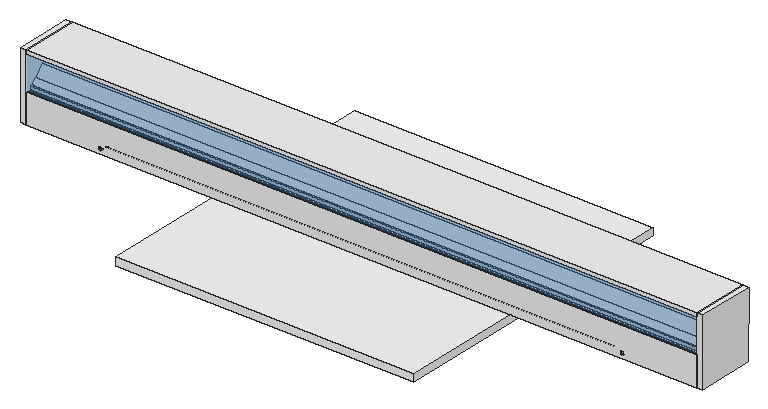
Revit family "BE_50805.1_de_DE", category Leuchten, Revit 2020 (continued)
Definition of nested family "BE_50805.1_Leuchte"
  Automatic sketch dimensions
    level to Extrusion 12 sketch curve = 79.676 mm
    Extrusion 12 sketch curve to Extrusion 12 sketch curve = 0 mm
    Extrusion 12 sketch curve to Extrusion 12 sketch curve = 0.855 mm  (x2)
    plane 1 "Mitte (Oben/Unten)" to Extrusion 13 sketch curve = 16.705 mm
    Extrusion 13 sketch curve to Extrusion 13 sketch curve = 0.311 mm  (x2)
    Extrusion 13 sketch curve to Extrusion 13 sketch curve = 2.819 mm  (x2)
    Extrusion 13 sketch curve to plane 1 "Mitte (Oben/Unten)" = 13.574 mm
    level to Extrusion 13 sketch curve = 79.676 mm
    Extrusion 13 sketch curve to Extrusion 13 sketch curve = 0 mm
    Extrusion 13 sketch curve to Extrusion 13 sketch curve = 0.855 mm  (x2)
    plane 1 "Mitte (Oben/Unten)" to Extrusion 14 sketch curve = 16.705 mm
    Extrusion 14 sketch curve to Extrusion 14 sketch curve = 0.311 mm  (x2)
    Extrusion 14 sketch curve to Extrusion 14 sketch curve = 2.819 mm  (x2)
    Extrusion 14 sketch curve to plane 1 "Mitte (Oben/Unten)" = 13.574 mm
    level to Extrusion 14 sketch curve = 79.676 mm
    Extrusion 14 sketch curve to Extrusion 14 sketch curve = 0 mm
    Extrusion 14 sketch curve to Extrusion 14 sketch curve = 0.855 mm  (x2)
    plane 1 "Mitte (Oben/Unten)" to Extrusion 15 sketch curve = 16.705 mm
    Extrusion 15 sketch curve to Extrusion 15 sketch curve = 0.311 mm  (x2)
    Extrusion 15 sketch curve to Extrusion 15 sketch curve = 2.819 mm  (x2)
    Extrusion 15 sketch curve to plane 1 "Mitte (Oben/Unten)" = 13.574 mm
    level to Extrusion 15 sketch curve = 79.676 mm
    Extrusion 15 sketch curve to Extrusion 15 sketch curve = 0 mm
    Extrusion 15 sketch curve to Extrusion 15 sketch curve = 0.855 mm  (x2)
    plane 1 "Mitte (Oben/Unten)" to Extrusion 16 sketch curve = 16.705 mm
    Extrusion 16 sketch curve to Extrusion 16 sketch curve = 0.311 mm  (x2)
    Extrusion 16 sketch curve to Extrusion 16 sketch curve = 2.819 mm  (x2)
    Extrusion 16 sketch curve to plane 1 "Mitte (Oben/Unten)" = 13.574 mm
    level to Extrusion 16 sketch curve = 79.676 mm
    Extrusion 16 sketch curve to Extrusion 16 sketch curve = 0 mm
    Extrusion 16 sketch curve to Extrusion 16 sketch curve = 0.855 mm  (x2)
    plane 1 "Mitte (Oben/Unten)" to Extrusion 17 sketch curve = 16.705 mm
    Extrusion 17 sketch curve to Extrusion 17 sketch curve = 0.311 mm  (x2)
    Extrusion 17 sketch curve to Extrusion 17 sketch curve = 2.819 mm  (x2)
    Extrusion 17 sketch curve to plane 1 "Mitte (Oben/Unten)" = 13.574 mm
    level to Extrusion 17 sketch curve = 79.676 mm
    Extrusion 17 sketch curve to Extrusion 17 sketch curve = 0 mm
    Extrusion 17 sketch curve to Extrusion 17 sketch curve = 0.855 mm  (x2)
    plane 1 "Mitte (Oben/Unten)" to Extrusion 18 sketch curve = 16.705 mm
    Extrusion 18 sketch curve to Extrusion 18 sketch curve = 0.311 mm  (x2)
    Extrusion 18 sketch curve to Extrusion 18 sketch curve = 2.819 mm  (x2)
    Extrusion 18 sketch curve to plane 1 "Mitte (Oben/Unten)" = 13.574 mm
    level to Extrusion 18 sketch curve = 79.676 mm
    Extrusion 18 sketch curve to Extrusion 18 sketch curve = 0 mm
    Extrusion 18 sketch curve to Extrusion 18 sketch curve = 0.855 mm  (x2)
    plane 1 "Mitte (Oben/Unten)" to Extrusion 19 sketch curve = 16.705 mm
    Extrusion 19 sketch curve to Extrusion 19 sketch curve = 0.311 mm  (x2)
    Extrusion 19 sketch curve to Extrusion 19 sketch curve = 2.819 mm  (x2)
    Extrusion 19 sketch curve to plane 1 "Mitte (Oben/Unten)" = 13.574 mm
    level to Extrusion 19 sketch curve = 79.676 mm
    Extrusion 19 sketch curve to Extrusion 19 sketch curve = 0 mm
    Extrusion 19 sketch curve to Extrusion 19 sketch curve = 0.855 mm  (x2)
    plane 1 "Mitte (Oben/Unten)" to Extrusion 20 sketch curve = 16.705 mm
    Extrusion 20 sketch curve to Extrusion 20 sketch curve = 0.311 mm  (x2)
    Extrusion 20 sketch curve to Extrusion 20 sketch curve = 2.819 mm  (x2)
    Extrusion 20 sketch curve to plane 1 "Mitte (Oben/Unten)" = 13.574 mm
    level to Extrusion 20 sketch curve = 79.676 mm
    Extrusion 20 sketch curve to Extrusion 20 sketch curve = 0 mm
    Extrusion 20 sketch curve to Extrusion 20 sketch curve = 0.855 mm  (x2)
    plane 1 "Mitte (Oben/Unten)" to Extrusion 21 sketch curve = 16.705 mm
    Extrusion 21 sketch curve to Extrusion 21 sketch curve = 0.311 mm  (x2)
    Extrusion 21 sketch curve to Extrusion 21 sketch curve = 2.819 mm  (x2)
    Extrusion 21 sketch curve to plane 1 "Mitte (Oben/Unten)" = 13.574 mm
    level to Extrusion 21 sketch curve = 79.676 mm
    Extrusion 21 sketch curve to Extrusion 21 sketch curve = 0 mm
    Extrusion 21 sketch curve to Extrusion 21 sketch curve = 0.855 mm  (x2)
    plane 1 "Mitte (Oben/Unten)" to Extrusion 22 sketch curve = 16.705 mm
    Extrusion 22 sketch curve to Extrusion 22 sketch curve = 0.311 mm  (x2)
    Extrusion 22 sketch curve to Extrusion 22 sketch curve = 2.819 mm  (x2)
    Extrusion 22 sketch curve to plane 1 "Mitte (Oben/Unten)" = 13.574 mm
    level to Extrusion 22 sketch curve = 79.676 mm
    Extrusion 22 sketch curve to Extrusion 22 sketch curve = 0 mm
    Extrusion 22 sketch curve to Extrusion 22 sketch curve = 0.855 mm  (x2)
    plane 1 "Mitte (Oben/Unten)" to Extrusion 23 sketch curve = 16.705 mm
    Extrusion 23 sketch curve to Extrusion 23 sketch curve = 0.311 mm  (x2)
    Extrusion 23 sketch curve to Extrusion 23 sketch curve = 2.819 mm  (x2)
    Extrusion 23 sketch curve to plane 1 "Mitte (Oben/Unten)" = 13.574 mm
    level to Extrusion 23 sketch curve = 79.676 mm
    Extrusion 23 sketch curve to Extrusion 23 sketch curve = 0 mm
    Extrusion 23 sketch curve to Extrusion 23 sketch curve = 0.855 mm  (x2)
    plane 1 "Mitte (Oben/Unten)" to Extrusion 24 sketch curve = 16.705 mm
    Extrusion 24 sketch curve to Extrusion 24 sketch curve = 0.311 mm  (x2)
    Extrusion 24 sketch curve to Extrusion 24 sketch curve = 2.819 mm  (x2)
    Extrusion 24 sketch curve to plane 1 "Mitte (Oben/Unten)" = 13.574 mm
    level to Extrusion 24 sketch curve = 79.676 mm
    Extrusion 24 sketch curve to Extrusion 24 sketch curve = 0 mm
    Extrusion 24 sketch curve to Extrusion 24 sketch curve = 0.855 mm  (x2)
    plane 1 "Mitte (Oben/Unten)" to Extrusion 25 sketch curve = 16.705 mm
    Extrusion 25 sketch curve to Extrusion 25 sketch curve = 0.311 mm  (x2)
    Extrusion 25 sketch curve to Extrusion 25 sketch curve = 2.819 mm  (x2)
    Extrusion 25 sketch curve to plane 1 "Mitte (Oben/Unten)" = 13.574 mm
    level to Extrusion 25 sketch curve = 79.676 mm
    Extrusion 25 sketch curve to Extrusion 25 sketch curve = 0 mm
    Extrusion 25 sketch curve to Extrusion 25 sketch curve = 0.855 mm  (x2)
    plane 1 "Mitte (Oben/Unten)" to Extrusion 26 sketch curve = 16.705 mm
    Extrusion 26 sketch curve to Extrusion 26 sketch curve = 0.311 mm  (x2)
    Extrusion 26 sketch curve to Extrusion 26 sketch curve = 2.819 mm  (x2)
    Extrusion 26 sketch curve to plane 1 "Mitte (Oben/Unten)" = 13.574 mm
    level to Extrusion 26 sketch curve = 79.676 mm
    Extrusion 26 sketch curve to Extrusion 26 sketch curve = 0 mm
    Extrusion 26 sketch curve to Extrusion 26 sketch curve = 0.855 mm  (x2)
    plane 1 "Mitte (Oben/Unten)" to Extrusion 27 sketch curve = 16.705 mm
    Extrusion 27 sketch curve to Extrusion 27 sketch curve = 0.311 mm  (x2)
    Extrusion 27 sketch curve to Extrusion 27 sketch curve = 2.819 mm  (x2)
    Extrusion 27 sketch curve to plane 1 "Mitte (Oben/Unten)" = 13.574 mm
    level to Extrusion 27 sketch curve = 79.676 mm
    Extrusion 27 sketch curve to Extrusion 27 sketch curve = 0 mm
    Extrusion 27 sketch curve to Extrusion 27 sketch curve = 0.855 mm  (x2)
    plane 1 "Mitte (Oben/Unten)" to Extrusion 28 sketch curve = 16.705 mm
    Extrusion 28 sketch curve to Extrusion 28 sketch curve = 0.311 mm  (x2)
    Extrusion 28 sketch curve to Extrusion 28 sketch curve = 2.819 mm  (x2)
    Extrusion 28 sketch curve to plane 1 "Mitte (Oben/Unten)" = 13.574 mm
    level to Extrusion 28 sketch curve = 79.676 mm
    Extrusion 28 sketch curve to Extrusion 28 sketch curve = 0 mm
    Extrusion 28 sketch curve to Extrusion 28 sketch curve = 0.855 mm  (x2)
    plane 1 "Mitte (Oben/Unten)" to Extrusion 29 sketch curve = 16.705 mm
    Extrusion 29 sketch curve to Extrusion 29 sketch curve = 0.311 mm  (x2)
    Extrusion 29 sketch curve to Extrusion 29 sketch curve = 2.819 mm  (x2)
    Extrusion 29 sketch curve to plane 1 "Mitte (Oben/Unten)" = 13.574 mm
    level to Extrusion 29 sketch curve = 79.676 mm
    Extrusion 29 sketch curve to Extrusion 29 sketch curve = 0 mm
    Extrusion 29 sketch curve to Extrusion 29 sketch curve = 0.855 mm  (x2)
    plane 1 "Mitte (Oben/Unten)" to Extrusion 30 sketch curve = 16.705 mm
    Extrusion 30 sketch curve to Extrusion 30 sketch curve = 0.311 mm  (x2)
    Extrusion 30 sketch curve to Extrusion 30 sketch curve = 2.819 mm  (x2)
    Extrusion 30 sketch curve to plane 1 "Mitte (Oben/Unten)" = 13.574 mm
    level to Extrusion 30 sketch curve = 79.676 mm
    Extrusion 30 sketch curve to Extrusion 30 sketch curve = 0 mm
    Extrusion 30 sketch curve to Extrusion 30 sketch curve = 0.855 mm  (x2)
    plane 1 "Mitte (Oben/Unten)" to Extrusion 31 sketch curve = 16.705 mm
    Extrusion 31 sketch curve to Extrusion 31 sketch curve = 0.311 mm  (x2)
    Extrusion 31 sketch curve to Extrusion 31 sketch curve = 2.819 mm  (x2)
    Extrusion 31 sketch curve to plane 1 "Mitte (Oben/Unten)" = 13.574 mm
    level to Extrusion 31 sketch curve = 79.676 mm
    Extrusion 31 sketch curve to Extrusion 31 sketch curve = 0 mm
    Extrusion 31 sketch curve to Extrusion 31 sketch curve = 0.855 mm  (x2)
    plane 1 "Mitte (Oben/Unten)" to Extrusion 32 sketch curve = 16.705 mm
    Extrusion 32 sketch curve to Extrusion 32 sketch curve = 0.311 mm  (x2)
    Extrusion 32 sketch curve to Extrusion 32 sketch curve = 2.819 mm  (x2)
    Extrusion 32 sketch curve to plane 1 "Mitte (Oben/Unten)" = 13.574 mm
    level to Extrusion 32 sketch curve = 79.676 mm
    Extrusion 32 sketch curve to Extrusion 32 sketch curve = 0 mm
    Extrusion 32 sketch curve to Extrusion 32 sketch curve = 0.855 mm  (x2)
    plane 1 "Mitte (Oben/Unten)" to Extrusion 33 sketch curve = 16.705 mm
    Extrusion 33 sketch curve to Extrusion 33 sketch curve = 0.311 mm  (x2)
    Extrusion 33 sketch curve to Extrusion 33 sketch curve = 2.819 mm  (x2)
    Extrusion 33 sketch curve to plane 1 "Mitte (Oben/Unten)" = 13.574 mm
    level to Extrusion 33 sketch curve = 79.676 mm
    Extrusion 33 sketch curve to Extrusion 33 sketch curve = 0 mm
    Extrusion 33 sketch curve to Extrusion 33 sketch curve = 0.855 mm  (x2)
    plane 1 "Mitte (Oben/Unten)" to Extrusion 34 sketch curve = 16.705 mm
    Extrusion 34 sketch curve to Extrusion 34 sketch curve = 0.311 mm  (x2)
    Extrusion 34 sketch curve to Extrusion 34 sketch curve = 2.819 mm  (x2)
    Extrusion 34 sketch curve to plane 1 "Mitte (Oben/Unten)" = 13.574 mm
    level to Extrusion 34 sketch curve = 79.676 mm
    Extrusion 34 sketch curve to Extrusion 34 sketch curve = 0 mm
    Extrusion 34 sketch curve to Extrusion 34 sketch curve = 0.855 mm  (x2)
    plane 1 "Mitte (Oben/Unten)" to Extrusion 35 sketch curve = 16.705 mm
    Extrusion 35 sketch curve to Extrusion 35 sketch curve = 0.311 mm  (x2)
    Extrusion 35 sketch curve to Extrusion 35 sketch curve = 2.819 mm  (x2)
    Extrusion 35 sketch curve to plane 1 "Mitte (Oben/Unten)" = 13.574 mm
    level to Extrusion 35 sketch curve = 79.676 mm
    Extrusion 35 sketch curve to Extrusion 35 sketch curve = 0 mm
    Extrusion 35 sketch curve to Extrusion 35 sketch curve = 0.855 mm  (x2)
    plane 1 "Mitte (Oben/Unten)" to Extrusion 36 sketch curve = 16.705 mm
    Extrusion 36 sketch curve to Extrusion 36 sketch curve = 0.311 mm  (x2)
    Extrusion 36 sketch curve to Extrusion 36 sketch curve = 2.819 mm  (x2)
    Extrusion 36 sketch curve to plane 1 "Mitte (Oben/Unten)" = 13.574 mm
    level to Extrusion 36 sketch curve = 79.676 mm
    Extrusion 36 sketch curve to Extrusion 36 sketch curve = 0 mm
    Extrusion 36 sketch curve to Extrusion 36 sketch curve = 0.855 mm  (x2)
    plane 1 "Mitte (Oben/Unten)" to Extrusion 37 sketch curve = 16.705 mm
    Extrusion 37 sketch curve to Extrusion 37 sketch curve = 0.311 mm  (x2)
    Extrusion 37 sketch curve to Extrusion 37 sketch curve = 2.819 mm  (x2)
    Extrusion 37 sketch curve to plane 1 "Mitte (Oben/Unten)" = 13.574 mm
    level to Extrusion 37 sketch curve = 79.676 mm
    Extrusion 37 sketch curve to Extrusion 37 sketch curve = 0 mm
    Extrusion 37 sketch curve to Extrusion 37 sketch curve = 0.855 mm  (x2)
    plane 1 "Mitte (Oben/Unten)" to Extrusion 38 sketch curve = 16.705 mm
    Extrusion 38 sketch curve to Extrusion 38 sketch curve = 0.311 mm  (x2)
    Extrusion 38 sketch curve to Extrusion 38 sketch curve = 2.819 mm  (x2)
    Extrusion 38 sketch curve to plane 1 "Mitte (Oben/Unten)" = 13.574 mm
    level to Extrusion 38 sketch curve = 79.676 mm
    Extrusion 38 sketch curve to Extrusion 38 sketch curve = 0 mm
    Extrusion 38 sketch curve to Extrusion 38 sketch curve = 0.855 mm  (x2)
    plane 1 "Mitte (Oben/Unten)" to Extrusion 39 sketch curve = 16.705 mm
    Extrusion 39 sketch curve to Extrusion 39 sketch curve = 0.311 mm  (x2)
    Extrusion 39 sketch curve to Extrusion 39 sketch curve = 2.819 mm  (x2)
    Extrusion 39 sketch curve to plane 1 "Mitte (Oben/Unten)" = 13.574 mm
    level to Extrusion 39 sketch curve = 79.676 mm
    Extrusion 39 sketch curve to Extrusion 39 sketch curve = 0 mm
    Extrusion 39 sketch curve to Extrusion 39 sketch curve = 0.855 mm  (x2)
    plane 1 "Mitte (Oben/Unten)" to Extrusion 40 sketch curve = 16.705 mm
    Extrusion 40 sketch curve to Extrusion 40 sketch curve = 0.311 mm  (x2)
    Extrusion 40 sketch curve to Extrusion 40 sketch curve = 2.819 mm  (x2)
    Extrusion 40 sketch curve to plane 1 "Mitte (Oben/Unten)" = 13.574 mm
    level to Extrusion 40 sketch curve = 79.676 mm
    Extrusion 40 sketch curve to Extrusion 40 sketch curve = 0 mm
    Extrusion 40 sketch curve to Extrusion 40 sketch curve = 0.855 mm  (x2)
    plane 1 "Mitte (Oben/Unten)" to Extrusion 41 sketch curve = 16.705 mm
    Extrusion 41 sketch curve to Extrusion 41 sketch curve = 0.311 mm  (x2)
    Extrusion 41 sketch curve to Extrusion 41 sketch curve = 2.819 mm  (x2)
    Extrusion 41 sketch curve to plane 1 "Mitte (Oben/Unten)" = 13.574 mm
    level to Extrusion 41 sketch curve = 79.676 mm
    Extrusion 41 sketch curve to Extrusion 41 sketch curve = 0 mm
    Extrusion 41 sketch curve to Extrusion 41 sketch curve = 0.855 mm  (x2)
    plane 1 "Mitte (Oben/Unten)" to Extrusion 42 sketch curve = 16.705 mm
    Extrusion 42 sketch curve to Extrusion 42 sketch curve = 0.311 mm  (x2)
    Extrusion 42 sketch curve to Extrusion 42 sketch curve = 2.819 mm  (x2)
    Extrusion 42 sketch curve to plane 1 "Mitte (Oben/Unten)" = 13.574 mm
    level to Extrusion 42 sketch curve = 79.676 mm
    Extrusion 42 sketch curve to Extrusion 42 sketch curve = 0 mm
    Extrusion 42 sketch curve to Extrusion 42 sketch curve = 0.855 mm  (x2)
    plane 1 "Mitte (Oben/Unten)" to Extrusion 43 sketch curve = 16.705 mm
    Extrusion 43 sketch curve to Extrusion 43 sketch curve = 0.311 mm  (x2)
    Extrusion 43 sketch curve to Extrusion 43 sketch curve = 2.819 mm  (x2)
    Extrusion 43 sketch curve to plane 1 "Mitte (Oben/Unten)" = 13.574 mm
    level to Extrusion 43 sketch curve = 79.676 mm
    Extrusion 43 sketch curve to Extrusion 43 sketch curve = 0 mm
    Extrusion 43 sketch curve to Extrusion 43 sketch curve = 0.855 mm  (x2)
    plane 1 "Mitte (Oben/Unten)" to Extrusion 44 sketch curve = 16.705 mm
    Extrusion 44 sketch curve to Extrusion 44 sketch curve = 0.311 mm  (x2)
    Extrusion 44 sketch curve to Extrusion 44 sketch curve = 2.819 mm  (x2)
    Extrusion 44 sketch curve to plane 1 "Mitte (Oben/Unten)" = 13.574 mm
    level to Extrusion 44 sketch curve = 79.676 mm
    Extrusion 44 sketch curve to Extrusion 44 sketch curve = 0 mm
    Extrusion 44 sketch curve to Extrusion 44 sketch curve = 0.855 mm  (x2)
    plane 1 "Mitte (Oben/Unten)" to Extrusion 45 sketch curve = 16.705 mm
    Extrusion 45 sketch curve to Extrusion 45 sketch curve = 0.311 mm  (x2)
    Extrusion 45 sketch curve to Extrusion 45 sketch curve = 2.819 mm  (x2)
    Extrusion 45 sketch curve to plane 1 "Mitte (Oben/Unten)" = 13.574 mm
    level to Extrusion 45 sketch curve = 79.676 mm
    Extrusion 45 sketch curve to Extrusion 45 sketch curve = 0 mm
    Extrusion 45 sketch curve to Extrusion 45 sketch curve = 0.855 mm  (x2)
    plane 1 "Mitte (Oben/Unten)" to Extrusion 46 sketch curve = 16.705 mm
    Extrusion 46 sketch curve to Extrusion 46 sketch curve = 0.311 mm  (x2)
    Extrusion 46 sketch curve to Extrusion 46 sketch curve = 2.819 mm  (x2)
    Extrusion 46 sketch curve to plane 1 "Mitte (Oben/Unten)" = 13.574 mm
    level to Extrusion 46 sketch curve = 79.676 mm
    Extrusion 46 sketch curve to Extrusion 46 sketch curve = 0 mm
    Extrusion 46 sketch curve to Extrusion 46 sketch curve = 0.855 mm  (x2)
    plane 1 "Mitte (Oben/Unten)" to Extrusion 47 sketch curve = 16.705 mm
    Extrusion 47 sketch curve to Extrusion 47 sketch curve = 0.311 mm  (x2)
    Extrusion 47 sketch curve to Extrusion 47 sketch curve = 2.819 mm  (x2)
    Extrusion 47 sketch curve to plane 1 "Mitte (Oben/Unten)" = 13.574 mm
    level to Extrusion 47 sketch curve = 79.676 mm
    Extrusion 47 sketch curve to Extrusion 47 sketch curve = 0 mm
    Extrusion 47 sketch curve to Extrusion 47 sketch curve = 0.855 mm  (x2)
    plane 1 "Mitte (Oben/Unten)" to Extrusion 48 sketch curve = 16.705 mm
    Extrusion 48 sketch curve to Extrusion 48 sketch curve = 0.311 mm  (x2)
    Extrusion 48 sketch curve to Extrusion 48 sketch curve = 2.819 mm  (x2)
    Extrusion 48 sketch curve to plane 1 "Mitte (Oben/Unten)" = 13.574 mm
    level to Extrusion 48 sketch curve = 79.676 mm
    Extrusion 48 sketch curve to Extrusion 48 sketch curve = 0 mm
    Extrusion 48 sketch curve to Extrusion 48 sketch curve = 0.855 mm  (x2)
    plane 1 "Mitte (Oben/Unten)" to Extrusion 49 sketch curve = 16.705 mm
    Extrusion 49 sketch curve to Extrusion 49 sketch curve = 0.311 mm  (x2)
    Extrusion 49 sketch curve to Extrusion 49 sketch curve = 2.819 mm  (x2)
    Extrusion 49 sketch curve to plane 1 "Mitte (Oben/Unten)" = 13.574 mm
    level to Extrusion 49 sketch curve = 79.676 mm
    Extrusion 49 sketch curve to Extrusion 49 sketch curve = 0 mm
    Extrusion 49 sketch curve to Extrusion 49 sketch curve = 0.855 mm  (x2)
    plane 1 "Mitte (Oben/Unten)" to Extrusion 50 sketch curve = 16.705 mm
    Extrusion 50 sketch curve to Extrusion 50 sketch curve = 0.311 mm  (x2)
    Extrusion 50 sketch curve to Extrusion 50 sketch curve = 2.819 mm  (x2)
    Extrusion 50 sketch curve to plane 1 "Mitte (Oben/Unten)" = 13.574 mm
    level to Extrusion 50 sketch curve = 79.676 mm
    Extrusion 50 sketch curve to Extrusion 50 sketch curve = 0 mm
    Extrusion 50 sketch curve to Extrusion 50 sketch curve = 0.855 mm  (x2)
    plane 1 "Mitte (Oben/Unten)" to Extrusion 51 sketch curve = 16.705 mm
    Extrusion 51 sketch curve to Extrusion 51 sketch curve = 0.311 mm  (x2)
    Extrusion 51 sketch curve to Extrusion 51 sketch curve = 2.819 mm  (x2)
    Extrusion 51 sketch curve to plane 1 "Mitte (Oben/Unten)" = 13.574 mm
    level to Extrusion 51 sketch curve = 79.676 mm
    Extrusion 51 sketch curve to Extrusion 51 sketch curve = 0 mm
    Extrusion 51 sketch curve to Extrusion 51 sketch curve = 0.855 mm  (x2)
    plane 1 "Mitte (Oben/Unten)" to Extrusion 52 sketch curve = 16.705 mm
    Extrusion 52 sketch curve to Extrusion 52 sketch curve = 0.311 mm  (x2)
    Extrusion 52 sketch curve to Extrusion 52 sketch curve = 2.819 mm  (x2)
    Extrusion 52 sketch curve to plane 1 "Mitte (Oben/Unten)" = 13.574 mm
    level to Extrusion 52 sketch curve = 79.676 mm
    Extrusion 52 sketch curve to Extrusion 52 sketch curve = 0 mm
    Extrusion 52 sketch curve to Extrusion 52 sketch curve = 0.855 mm  (x2)
    plane 1 "Mitte (Oben/Unten)" to Extrusion 53 sketch curve = 16.705 mm
    Extrusion 53 sketch curve to Extrusion 53 sketch curve = 0.311 mm  (x2)
    Extrusion 53 sketch curve to Extrusion 53 sketch curve = 2.819 mm  (x2)
    Extrusion 53 sketch curve to plane 1 "Mitte (Oben/Unten)" = 13.574 mm
    level to Extrusion 53 sketch curve = 79.676 mm
    Extrusion 53 sketch curve to Extrusion 53 sketch curve = 0 mm
    Extrusion 53 sketch curve to Extrusion 53 sketch curve = 0.855 mm  (x2)
    plane 1 "Mitte (Oben/Unten)" to Extrusion 54 sketch curve = 16.705 mm
    Extrusion 54 sketch curve to Extrusion 54 sketch curve = 0.311 mm  (x2)
    Extrusion 54 sketch curve to Extrusion 54 sketch curve = 2.819 mm  (x2)
    Extrusion 54 sketch curve to plane 1 "Mitte (Oben/Unten)" = 13.574 mm
    level to Extrusion 54 sketch curve = 79.676 mm
    Extrusion 54 sketch curve to Extrusion 54 sketch curve = 0 mm
    Extrusion 54 sketch curve to Extrusion 54 sketch curve = 0.855 mm  (x2)
    plane 1 "Mitte (Oben/Unten)" to Extrusion 55 sketch curve = 16.705 mm
    Extrusion 55 sketch curve to Extrusion 55 sketch curve = 0.311 mm  (x2)
    Extrusion 55 sketch curve to Extrusion 55 sketch curve = 2.819 mm  (x2)
    Extrusion 55 sketch curve to plane 1 "Mitte (Oben/Unten)" = 13.574 mm
    level to Extrusion 55 sketch curve = 79.676 mm
    Extrusion 55 sketch curve to Extrusion 55 sketch curve = 0 mm
    Extrusion 55 sketch curve to Extrusion 55 sketch curve = 0.855 mm  (x2)
    plane 1 "Mitte (Oben/Unten)" to Extrusion 56 sketch curve = 16.705 mm
    Extrusion 56 sketch curve to Extrusion 56 sketch curve = 0.311 mm  (x2)
    Extrusion 56 sketch curve to Extrusion 56 sketch curve = 2.819 mm  (x2)
    Extrusion 56 sketch curve to plane 1 "Mitte (Oben/Unten)" = 13.574 mm
    level to Extrusion 56 sketch curve = 79.676 mm
    Extrusion 56 sketch curve to Extrusion 56 sketch curve = 0 mm
    Extrusion 56 sketch curve to Extrusion 56 sketch curve = 0.855 mm  (x2)
    plane 1 "Mitte (Oben/Unten)" to Extrusion 57 sketch curve = 16.705 mm
    Extrusion 57 sketch curve to Extrusion 57 sketch curve = 0.311 mm  (x2)
    Extrusion 57 sketch curve to Extrusion 57 sketch curve = 2.819 mm  (x2)
    Extrusion 57 sketch curve to plane 1 "Mitte (Oben/Unten)" = 13.574 mm
    level to Extrusion 57 sketch curve = 79.676 mm
    Extrusion 57 sketch curve to Extrusion 57 sketch curve = 0 mm
    Extrusion 57 sketch curve to Extrusion 57 sketch curve = 0.855 mm  (x2)
    plane 1 "Mitte (Oben/Unten)" to Extrusion 58 sketch curve = 16.705 mm
    Extrusion 58 sketch curve to Extrusion 58 sketch curve = 0.311 mm  (x2)
    Extrusion 58 sketch curve to Extrusion 58 sketch curve = 2.819 mm  (x2)
    Extrusion 58 sketch curve to plane 1 "Mitte (Oben/Unten)" = 13.574 mm
    level to Extrusion 58 sketch curve = 79.676 mm
    Extrusion 58 sketch curve to Extrusion 58 sketch curve = 0 mm
    Extrusion 58 sketch curve to Extrusion 58 sketch curve = 0.855 mm  (x2)
    plane 1 "Mitte (Oben/Unten)" to Extrusion 59 sketch curve = 16.705 mm
    Extrusion 59 sketch curve to Extrusion 59 sketch curve = 0.311 mm  (x2)
    Extrusion 59 sketch curve to Extrusion 59 sketch curve = 2.819 mm  (x2)
    Extrusion 59 sketch curve to plane 1 "Mitte (Oben/Unten)" = 13.574 mm
    level to Extrusion 59 sketch curve = 79.676 mm
    Extrusion 59 sketch curve to Extrusion 59 sketch curve = 0 mm
    Extrusion 59 sketch curve to Extrusion 59 sketch curve = 0.855 mm  (x2)
    plane 1 "Mitte (Oben/Unten)" to Extrusion 60 sketch curve = 16.705 mm
    Extrusion 60 sketch curve to Extrusion 60 sketch curve = 0.311 mm  (x2)
    Extrusion 60 sketch curve to Extrusion 60 sketch curve = 2.819 mm  (x2)
    Extrusion 60 sketch curve to plane 1 "Mitte (Oben/Unten)" = 13.574 mm
    level to Extrusion 60 sketch curve = 79.676 mm
    Extrusion 60 sketch curve to Extrusion 60 sketch curve = 0 mm
    Extrusion 60 sketch curve to Extrusion 60 sketch curve = 0.855 mm  (x2)
    plane 1 "Mitte (Oben/Unten)" to Extrusion 61 sketch curve = 16.705 mm
    Extrusion 61 sketch curve to Extrusion 61 sketch curve = 0.311 mm  (x2)
    Extrusion 61 sketch curve to Extrusion 61 sketch curve = 2.819 mm  (x2)
    Extrusion 61 sketch curve to plane 1 "Mitte (Oben/Unten)" = 13.574 mm
    level to Extrusion 61 sketch curve = 79.676 mm
    Extrusion 61 sketch curve to Extrusion 61 sketch curve = 0 mm
    Extrusion 61 sketch curve to Extrusion 61 sketch curve = 0.855 mm  (x2)
    plane 1 "Mitte (Oben/Unten)" to Extrusion 62 sketch curve = 16.705 mm
    Extrusion 62 sketch curve to Extrusion 62 sketch curve = 0.311 mm  (x2)
    Extrusion 62 sketch curve to Extrusion 62 sketch curve = 2.819 mm  (x2)
    Extrusion 62 sketch curve to plane 1 "Mitte (Oben/Unten)" = 13.574 mm
    level to Extrusion 62 sketch curve = 79.676 mm
    Extrusion 62 sketch curve to Extrusion 62 sketch curve = 0 mm
    Extrusion 62 sketch curve to Extrusion 62 sketch curve = 0.855 mm  (x2)
    plane 1 "Mitte (Oben/Unten)" to Extrusion 63 sketch curve = 16.705 mm
    Extrusion 63 sketch curve to Extrusion 63 sketch curve = 0.311 mm  (x2)
    Extrusion 63 sketch curve to Extrusion 63 sketch curve = 2.819 mm  (x2)
    Extrusion 63 sketch curve to plane 1 "Mitte (Oben/Unten)" = 13.574 mm
    level to Extrusion 63 sketch curve = 79.676 mm
    Extrusion 63 sketch curve to Extrusion 63 sketch curve = 0 mm
    Extrusion 63 sketch curve to Extrusion 63 sketch curve = 0.855 mm  (x2)
    plane 1 "Mitte (Oben/Unten)" to Extrusion 64 sketch curve = 16.705 mm
    Extrusion 64 sketch curve to Extrusion 64 sketch curve = 0.311 mm  (x2)
    Extrusion 64 sketch curve to Extrusion 64 sketch curve = 2.819 mm  (x2)
    Extrusion 64 sketch curve to plane 1 "Mitte (Oben/Unten)" = 13.574 mm
    level to Extrusion 64 sketch curve = 79.676 mm
    Extrusion 64 sketch curve to Extrusion 64 sketch curve = 0 mm
    Extrusion 64 sketch curve to Extrusion 64 sketch curve = 0.855 mm  (x2)
    plane 1 "Mitte (Oben/Unten)" to Extrusion 65 sketch curve = 16.705 mm
    Extrusion 65 sketch curve to Extrusion 65 sketch curve = 0.311 mm  (x2)
    Extrusion 65 sketch curve to Extrusion 65 sketch curve = 2.819 mm  (x2)
    Extrusion 65 sketch curve to plane 1 "Mitte (Oben/Unten)" = 13.574 mm
    level to Extrusion 65 sketch curve = 79.676 mm
    Extrusion 65 sketch curve to Extrusion 65 sketch curve = 0 mm
    Extrusion 65 sketch curve to Extrusion 65 sketch curve = 0.855 mm  (x2)
    plane 1 "Mitte (Oben/Unten)" to Extrusion 66 sketch curve = 16.705 mm
    Extrusion 66 sketch curve to Extrusion 66 sketch curve = 0.311 mm  (x2)
    Extrusion 66 sketch curve to Extrusion 66 sketch curve = 2.819 mm  (x2)
    Extrusion 66 sketch curve to plane 1 "Mitte (Oben/Unten)" = 13.574 mm
    level to Extrusion 66 sketch curve = 79.676 mm
    Extrusion 66 sketch curve to Extrusion 66 sketch curve = 0 mm
    Extrusion 66 sketch curve to Extrusion 66 sketch curve = 0.855 mm  (x2)
    plane 1 "Mitte (Oben/Unten)" to Extrusion 67 sketch curve = 16.705 mm
    Extrusion 67 sketch curve to Extrusion 67 sketch curve = 0.311 mm  (x2)
    Extrusion 67 sketch curve to Extrusion 67 sketch curve = 2.819 mm  (x2)
    Extrusion 67 sketch curve to plane 1 "Mitte (Oben/Unten)" = 13.574 mm
    level to Extrusion 67 sketch curve = 79.676 mm
    Extrusion 67 sketch curve to Extrusion 67 sketch curve = 0 mm
    Extrusion 67 sketch curve to Extrusion 67 sketch curve = 0.855 mm  (x2)
    plane 1 "Mitte (Oben/Unten)" to Extrusion 68 sketch curve = 16.705 mm
    Extrusion 68 sketch curve to Extrusion 68 sketch curve = 0.311 mm  (x2)
    Extrusion 68 sketch curve to Extrusion 68 sketch curve = 2.819 mm  (x2)
    Extrusion 68 sketch curve to plane 1 "Mitte (Oben/Unten)" = 13.574 mm
    level to Extrusion 68 sketch curve = 79.676 mm
    Extrusion 68 sketch curve to Extrusion 68 sketch curve = 0 mm
    Extrusion 68 sketch curve to Extrusion 68 sketch curve = 0.855 mm  (x2)
    plane 1 "Mitte (Oben/Unten)" to Extrusion 69 sketch curve = 16.705 mm
    Extrusion 69 sketch curve to Extrusion 69 sketch curve = 0.311 mm  (x2)
    Extrusion 69 sketch curve to Extrusion 69 sketch curve = 2.819 mm  (x2)
    Extrusion 69 sketch curve to plane 1 "Mitte (Oben/Unten)" = 13.574 mm
    level to Extrusion 69 sketch curve = 79.676 mm
    Extrusion 69 sketch curve to Extrusion 69 sketch curve = 0 mm
    Extrusion 69 sketch curve to Extrusion 69 sketch curve = 0.855 mm  (x2)
    plane 1 "Mitte (Oben/Unten)" to Extrusion 70 sketch curve = 16.705 mm
    Extrusion 70 sketch curve to Extrusion 70 sketch curve = 0.311 mm  (x2)
    Extrusion 70 sketch curve to Extrusion 70 sketch curve = 2.819 mm  (x2)
    Extrusion 70 sketch curve to plane 1 "Mitte (Oben/Unten)" = 13.574 mm
    level to Extrusion 70 sketch curve = 79.676 mm
    Extrusion 70 sketch curve to Extrusion 70 sketch curve = 0 mm
    Extrusion 70 sketch curve to Extrusion 70 sketch curve = 0.855 mm  (x2)
    plane 1 "Mitte (Oben/Unten)" to Extrusion 71 sketch curve = 16.705 mm
    Extrusion 71 sketch curve to Extrusion 71 sketch curve = 0.311 mm  (x2)
    Extrusion 71 sketch curve to Extrusion 71 sketch curve = 2.819 mm  (x2)
    Extrusion 71 sketch curve to plane 1 "Mitte (Oben/Unten)" = 13.574 mm
    level to Extrusion 71 sketch curve = 79.676 mm
    Extrusion 71 sketch curve to Extrusion 71 sketch curve = 0 mm
    Extrusion 71 sketch curve to Extrusion 71 sketch curve = 0.855 mm  (x2)
    plane 1 "Mitte (Oben/Unten)" to Extrusion 72 sketch curve = 16.705 mm
    Extrusion 72 sketch curve to Extrusion 72 sketch curve = 0.311 mm  (x2)
    Extrusion 72 sketch curve to Extrusion 72 sketch curve = 2.819 mm  (x2)
    Extrusion 72 sketch curve to plane 1 "Mitte (Oben/Unten)" = 13.574 mm
    level to Extrusion 72 sketch curve = 79.676 mm
    Extrusion 72 sketch curve to Extrusion 72 sketch curve = 0 mm
    Extrusion 72 sketch curve to Extrusion 72 sketch curve = 0.855 mm  (x2)
    plane 1 "Mitte (Oben/Unten)" to Extrusion 73 sketch curve = 16.705 mm
    Extrusion 73 sketch curve to Extrusion 73 sketch curve = 0.311 mm  (x2)
    Extrusion 73 sketch curve to Extrusion 73 sketch curve = 2.819 mm  (x2)
    Extrusion 73 sketch curve to plane 1 "Mitte (Oben/Unten)" = 13.574 mm
    level to Extrusion 73 sketch curve = 79.676 mm
    Extrusion 73 sketch curve to Extrusion 73 sketch curve = 0 mm
    Extrusion 73 sketch curve to Extrusion 73 sketch curve = 0.855 mm  (x2)
    plane 1 "Mitte (Oben/Unten)" to Extrusion 74 sketch curve = 16.705 mm
    Extrusion 74 sketch curve to Extrusion 74 sketch curve = 0.311 mm  (x2)
    Extrusion 74 sketch curve to Extrusion 74 sketch curve = 2.819 mm  (x2)
    Extrusion 74 sketch curve to plane 1 "Mitte (Oben/Unten)" = 13.574 mm
    level to Extrusion 74 sketch curve = 79.676 mm
    Extrusion 74 sketch curve to Extrusion 74 sketch curve = 0 mm
    Extrusion 74 sketch curve to Extrusion 74 sketch curve = 0.855 mm  (x2)
    plane 1 "Mitte (Oben/Unten)" to Extrusion 75 sketch curve = 16.705 mm
    Extrusion 75 sketch curve to Extrusion 75 sketch curve = 0.311 mm  (x2)
    Extrusion 75 sketch curve to Extrusion 75 sketch curve = 2.819 mm  (x2)
    Extrusion 75 sketch curve to plane 1 "Mitte (Oben/Unten)" = 13.574 mm
    level to Extrusion 75 sketch curve = 79.676 mm
    Extrusion 75 sketch curve to Extrusion 75 sketch curve = 0 mm
    Extrusion 75 sketch curve to Extrusion 75 sketch curve = 0.855 mm  (x2)
    plane 1 "Mitte (Oben/Unten)" to Extrusion 76 sketch curve = 16.705 mm
    Extrusion 76 sketch curve to Extrusion 76 sketch curve = 0.311 mm  (x2)
    Extrusion 76 sketch curve to Extrusion 76 sketch curve = 2.819 mm  (x2)
    Extrusion 76 sketch curve to plane 1 "Mitte (Oben/Unten)" = 13.574 mm
    level to Extrusion 76 sketch curve = 79.676 mm
    Extrusion 76 sketch curve to Extrusion 76 sketch curve = 0 mm
    Extrusion 76 sketch curve to Extrusion 76 sketch curve = 0.855 mm  (x2)
    plane 1 "Mitte (Oben/Unten)" to Extrusion 77 sketch curve = 16.705 mm
    Extrusion 77 sketch curve to Extrusion 77 sketch curve = 0.311 mm  (x2)
    Extrusion 77 sketch curve to Extrusion 77 sketch curve = 2.819 mm  (x2)
    Extrusion 77 sketch curve to plane 1 "Mitte (Oben/Unten)" = 13.574 mm
    level to Extrusion 77 sketch curve = 79.676 mm
    Extrusion 77 sketch curve to Extrusion 77 sketch curve = 0 mm
    Extrusion 77 sketch curve to Extrusion 77 sketch curve = 0.855 mm  (x2)
    plane 1 "Mitte (Oben/Unten)" to Extrusion 78 sketch curve = 16.705 mm
    Extrusion 78 sketch curve to Extrusion 78 sketch curve = 0.311 mm  (x2)
    Extrusion 78 sketch curve to Extrusion 78 sketch curve = 2.819 mm  (x2)
    Extrusion 78 sketch curve to plane 1 "Mitte (Oben/Unten)" = 13.574 mm
    level to Extrusion 78 sketch curve = 79.676 mm
    Extrusion 78 sketch curve to Extrusion 78 sketch curve = 0 mm
    Extrusion 78 sketch curve to Extrusion 78 sketch curve = 0.855 mm  (x2)
    plane 1 "Mitte (Oben/Unten)" to Extrusion 79 sketch curve = 16.705 mm
    Extrusion 79 sketch curve to Extrusion 79 sketch curve = 0.311 mm  (x2)
    Extrusion 79 sketch curve to Extrusion 79 sketch curve = 2.819 mm  (x2)
    Extrusion 79 sketch curve to plane 1 "Mitte (Oben/Unten)" = 13.574 mm
    level to Extrusion 79 sketch curve = 79.676 mm
    Extrusion 79 sketch curve to Extrusion 79 sketch curve = 0 mm
    Extrusion 79 sketch curve to Extrusion 79 sketch curve = 0.855 mm  (x2)
    plane 1 "Mitte (Oben/Unten)" to Extrusion 80 sketch curve = 16.705 mm
    Extrusion 80 sketch curve to Extrusion 80 sketch curve = 0.311 mm  (x2)
    Extrusion 80 sketch curve to Extrusion 80 sketch curve = 2.819 mm  (x2)
    Extrusion 80 sketch curve to plane 1 "Mitte (Oben/Unten)" = 13.574 mm
    level to Extrusion 80 sketch curve = 79.676 mm
    Extrusion 80 sketch curve to Extrusion 80 sketch curve = 0 mm
    Extrusion 80 sketch curve to Extrusion 80 sketch curve = 0.855 mm  (x2)
    plane 1 "Mitte (Oben/Unten)" to Extrusion 81 sketch curve = 16.705 mm
    Extrusion 81 sketch curve to Extrusion 81 sketch curve = 0.311 mm  (x2)
    Extrusion 81 sketch curve to Extrusion 81 sketch curve = 2.819 mm  (x2)
    Extrusion 81 sketch curve to plane 1 "Mitte (Oben/Unten)" = 13.574 mm
    level to Extrusion 81 sketch curve = 79.676 mm
    Extrusion 81 sketch curve to Extrusion 81 sketch curve = 0 mm
    Extrusion 81 sketch curve to Extrusion 81 sketch curve = 0.855 mm  (x2)
    plane 1 "Mitte (Oben/Unten)" to Extrusion 82 sketch curve = 16.705 mm
    Extrusion 82 sketch curve to Extrusion 82 sketch curve = 0.311 mm  (x2)
    Extrusion 82 sketch curve to Extrusion 82 sketch curve = 2.819 mm  (x2)
    Extrusion 82 sketch curve to plane 1 "Mitte (Oben/Unten)" = 13.574 mm
    level to Extrusion 82 sketch curve = 79.676 mm
    Extrusion 82 sketch curve to Extrusion 82 sketch curve = 0 mm
    Extrusion 82 sketch curve to Extrusion 82 sketch curve = 0.855 mm  (x2)
    plane 1 "Mitte (Oben/Unten)" to Extrusion 83 sketch curve = 16.705 mm
    Extrusion 83 sketch curve to Extrusion 83 sketch curve = 0.311 mm  (x2)
    Extrusion 83 sketch curve to Extrusion 83 sketch curve = 2.819 mm  (x2)
    Extrusion 83 sketch curve to plane 1 "Mitte (Oben/Unten)" = 13.574 mm
    level to Extrusion 83 sketch curve = 79.676 mm
    Extrusion 83 sketch curve to Extrusion 83 sketch curve = 0 mm
    Extrusion 83 sketch curve to Extrusion 83 sketch curve = 0.855 mm  (x2)
    plane 1 "Mitte (Oben/Unten)" to Extrusion 84 sketch curve = 16.705 mm
    Extrusion 84 sketch curve to Extrusion 84 sketch curve = 0.311 mm  (x2)
    Extrusion 84 sketch curve to Extrusion 84 sketch curve = 2.819 mm  (x2)
    Extrusion 84 sketch curve to plane 1 "Mitte (Oben/Unten)" = 13.574 mm
    level to Extrusion 84 sketch curve = 79.676 mm
    Extrusion 84 sketch curve to Extrusion 84 sketch curve = 0 mm
    Extrusion 84 sketch curve to Extrusion 84 sketch curve = 0.855 mm  (x2)
    plane 1 "Mitte (Oben/Unten)" to Extrusion 85 sketch curve = 16.705 mm
    Extrusion 85 sketch curve to Extrusion 85 sketch curve = 0.311 mm  (x2)
    Extrusion 85 sketch curve to Extrusion 85 sketch curve = 2.819 mm  (x2)
    Extrusion 85 sketch curve to plane 1 "Mitte (Oben/Unten)" = 13.574 mm
    level to Extrusion 85 sketch curve = 79.676 mm
    Extrusion 85 sketch curve to Extrusion 85 sketch curve = 0 mm
    Extrusion 85 sketch curve to Extrusion 85 sketch curve = 0.855 mm  (x2)
    plane 1 "Mitte (Oben/Unten)" to Extrusion 86 sketch curve = 16.705 mm
    Extrusion 86 sketch curve to Extrusion 86 sketch curve = 0.311 mm  (x2)
    Extrusion 86 sketch curve to Extrusion 86 sketch curve = 2.819 mm  (x2)
    Extrusion 86 sketch curve to plane 1 "Mitte (Oben/Unten)" = 13.574 mm
    level to Extrusion 86 sketch curve = 79.676 mm
    Extrusion 86 sketch curve to Extrusion 86 sketch curve = 0 mm
    Extrusion 86 sketch curve to Extrusion 86 sketch curve = 0.855 mm  (x2)
    plane 1 "Mitte (Oben/Unten)" to Extrusion 87 sketch curve = 16.705 mm
    Extrusion 87 sketch curve to Extrusion 87 sketch curve = 0.311 mm  (x2)
    Extrusion 87 sketch curve to Extrusion 87 sketch curve = 2.819 mm  (x2)
    Extrusion 87 sketch curve to plane 1 "Mitte (Oben/Unten)" = 13.574 mm
    level to Extrusion 87 sketch curve = 79.676 mm
    Extrusion 87 sketch curve to Extrusion 87 sketch curve = 0 mm
    Extrusion 87 sketch curve to Extrusion 87 sketch curve = 0.855 mm  (x2)
    plane 1 "Mitte (Oben/Unten)" to Extrusion 88 sketch curve = 16.705 mm
    Extrusion 88 sketch curve to Extrusion 88 sketch curve = 0.311 mm  (x2)
    Extrusion 88 sketch curve to Extrusion 88 sketch curve = 2.819 mm  (x2)
    Extrusion 88 sketch curve to plane 1 "Mitte (Oben/Unten)" = 13.574 mm
    level to Extrusion 88 sketch curve = 79.676 mm
    Extrusion 88 sketch curve to Extrusion 88 sketch curve = 0 mm
    Extrusion 88 sketch curve to Extrusion 88 sketch curve = 0.855 mm  (x2)
    plane 1 "Mitte (Oben/Unten)" to Extrusion 89 sketch curve = 16.705 mm
    Extrusion 89 sketch curve to Extrusion 89 sketch curve = 0.311 mm  (x2)
    Extrusion 89 sketch curve to Extrusion 89 sketch curve = 2.819 mm  (x2)
    Extrusion 89 sketch curve to plane 1 "Mitte (Oben/Unten)" = 13.574 mm
    level to Extrusion 89 sketch curve = 79.676 mm
    Extrusion 89 sketch curve to Extrusion 89 sketch curve = 0 mm
    Extrusion 89 sketch curve to Extrusion 89 sketch curve = 0.855 mm  (x2)
    plane 1 "Mitte (Oben/Unten)" to Extrusion 90 sketch curve = 16.705 mm
    Extrusion 90 sketch curve to Extrusion 90 sketch curve = 0.311 mm  (x2)
    Extrusion 90 sketch curve to Extrusion 90 sketch curve = 2.819 mm  (x2)
    Extrusion 90 sketch curve to plane 1 "Mitte (Oben/Unten)" = 13.574 mm
    level to Extrusion 90 sketch curve = 79.676 mm
    Extrusion 90 sketch curve to Extrusion 90 sketch curve = 0 mm
    Extrusion 90 sketch curve to Extrusion 90 sketch curve = 0.855 mm  (x2)
    plane 1 "Mitte (Oben/Unten)" to Extrusion 91 sketch curve = 27.289 mm
    Extrusion 91 sketch curve to Extrusion 91 sketch curve = 0.53 mm  (x3)
    plane 1 "Mitte (Oben/Unten)" to Extrusion 91 sketch curve = 8.965 mm
    Extrusion 91 sketch curve to Extrusion 91 sketch curve = 0.475 mm
    Extrusion 91 sketch curve to plane 1 "Mitte (Oben/Unten)" = 8.435 mm
    Extrusion 91 sketch curve to Extrusion 91 sketch curve = 18.324 mm
    level to Extrusion 91 sketch curve = 76.695 mm
    Extrusion 91 sketch curve to Extrusion 91 sketch curve = 0 mm
    Extrusion 91 sketch curve to Extrusion 91 sketch curve = 1.305 mm
    Extrusion 91 sketch curve to Extrusion 91 sketch curve = 1.457 mm  (x3)
    Extrusion 91 sketch curve to Extrusion 91 sketch curve = 6.669 mm  (x2)
    level to Revolve 92 sketch curve = 7 mm
    plane 1 "Mitte (Oben/Unten)" to Revolve 92 sketch curve = 38 mm
    level to Revolve 92 sketch curve = 9.5 mm
    Revolve 92 sketch curve to Revolve 92 sketch curve = 6.5 mm
    Revolve 92 sketch curve to Revolve 92 sketch curve = 0 mm  (x2)
    Revolve 92 sketch curve to Revolve 92 sketch curve = 2 mm
    Revolve 92 sketch curve to Revolve 92 sketch curve = 5.8 mm
    level to Revolve 93 sketch curve = 7 mm
    plane 1 "Mitte (Oben/Unten)" to Revolve 93 sketch curve = 38 mm
    level to Revolve 93 sketch curve = 9.5 mm
    Revolve 93 sketch curve to Revolve 93 sketch curve = 6.5 mm
    Revolve 93 sketch curve to Revolve 93 sketch curve = 0 mm  (x2)
    Revolve 93 sketch curve to Revolve 93 sketch curve = 2 mm
    Revolve 93 sketch curve to Revolve 93 sketch curve = 5.8 mm
    level to Revolve 94 sketch curve = 7 mm
    plane 1 "Mitte (Oben/Unten)" to Revolve 94 sketch curve = 37.7 mm
    Revolve 94 sketch curve to Revolve 94 sketch curve = 8.25 mm
    Revolve 94 sketch curve to Revolve 94 sketch curve = 2.5 mm  (x2)
    Revolve 94 sketch curve to Revolve 94 sketch curve = 2.3 mm
    Revolve 94 sketch curve to Revolve 94 sketch curve = 1.25 mm
    Revolve 94 sketch curve to Revolve 94 sketch curve = 0 mm
    level to Revolve 95 sketch curve = 7 mm
    plane 1 "Mitte (Oben/Unten)" to Revolve 95 sketch curve = 37.7 mm
    Revolve 95 sketch curve to Revolve 95 sketch curve = 8.25 mm
    Revolve 95 sketch curve to Revolve 95 sketch curve = 2.5 mm  (x2)
    Revolve 95 sketch curve to Revolve 95 sketch curve = 2.3 mm
    Revolve 95 sketch curve to Revolve 95 sketch curve = 1.25 mm
    Revolve 95 sketch curve to Revolve 95 sketch curve = 0 mm
